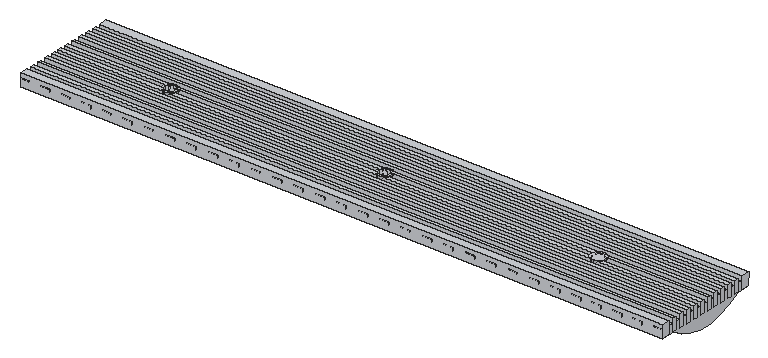
Revit family "Sioux Chief 865-GHC", category Generic Models, Revit 2022
Family settings
  Can host rebar = No
  Round Connector Dimension = Use Diameter
  Part Type = Normal
  Work Plane-Based = No
  Always vertical = Yes
  Cut with Voids When Loaded = No
  Maintain Annotation Orientation = No
  Shared = No
  Room Calculation Point = No
Parameters
  URL = "www.siouxchief.com"
  Model = "865 Trench Drain Grate"
  Manufacturer = "Sioux Chief"
  Default Elevation = 0' - 0"
Reference planes (in)
  plane 1 "Center (Front/Back)": y = 0
  plane 2: z = 0
  plane 3 "Center (Left/Right)": x = 0
  plane 4: y = 3
  plane 5: y = -3
  plane 6: x = -18
  plane 7: x = 18
Forms (in)
  Extrusion 1, solid
    sketch origin (0, 0, 0) x (0, 1, 0) y (0, 0, 1)
      loop
        line (3, -0.6875) -> (3, 0) -> (2.535, 0) -> (2.535, -0.6875) -> (3, -0.6875)
      loop
        line (-0.135, -0.6875) -> (-0.135, 0) -> (-0.345, 0) -> (-0.345, -0.6875) -> (-0.135, -0.6875)
      loop
        line (0.135, -0.6875) -> (0.345, -0.6875) -> (0.345, 0) -> (0.135, 0) -> (0.135, -0.6875)
      loop
        line (-0.615, -0.6875) -> (-0.615, 0) -> (-0.825, 0) -> (-0.825, -0.6875) -> (-0.615, -0.6875)
      loop
        line (-1.095, -0.6875) -> (-1.095, 0) -> (-1.305, 0) -> (-1.305, -0.6875) -> (-1.095, -0.6875)
      loop
        line (-1.575, -0.6875) -> (-1.575, 0) -> (-1.785, 0) -> (-1.785, -0.6875) -> (-1.575, -0.6875)
      loop
        line (-2.055, -0.6875) -> (-2.055, 0) -> (-2.265, 0) -> (-2.265, -0.6875) -> (-2.055, -0.6875)
      loop
        line (0.615, -0.6875) -> (0.825, -0.6875) -> (0.825, 0) -> (0.615, 0) -> (0.615, -0.6875)
      loop
        line (1.095, -0.6875) -> (1.305, -0.6875) -> (1.305, 0) -> (1.095, 0) -> (1.095, -0.6875)
      loop
        line (1.575, -0.6875) -> (1.785, -0.6875) -> (1.785, 0) -> (1.575, 0) -> (1.575, -0.6875)
      loop
        line (2.055, -0.6875) -> (2.265, -0.6875) -> (2.265, 0) -> (2.055, 0) -> (2.055, -0.6875)
      loop
        line (-3, -0.6875) -> (-2.535, -0.6875) -> (-2.535, 0) -> (-3, 0) -> (-3, -0.6875)
    from -18 to 18
  Extrusion 2, solid
    sketch origin (17.75, 0, 0) x (0, 1, 0) y (0, 0, 1)
      loop
        line (2.25, -0.6875) -> (2.91972, -0.6875) -> (3, -0.25) -> (-3, -0.25) -> (-2.91972, -0.6875) -> (-2.25, -0.6875)
        arc (-2.25, -0.6875) -> (0, -1.4375) -> (2.25, -0.6875) r 3.75
    from -18 to -17.5
  Extrusion 3, solid
    sketch origin (0, 0, 0) x (0, 1, 0) y (0, 0, 1)
      loop
        line (2.25, -0.6875) -> (2.91972, -0.6875) -> (3, -0.25) -> (-3, -0.25) -> (-2.91972, -0.6875) -> (-2.25, -0.6875)
        arc (-2.25, -0.6875) -> (0, -1.4375) -> (2.25, -0.6875) r 3.75
    from -18 to -17.5
  Extrusion 4, solid
    sketch origin (5.75, 0, 0) x (0, 1, 0) y (0, 0, 1)
      loop
        line (2.25, -0.6875) -> (2.91972, -0.6875) -> (3, -0.25) -> (-3, -0.25) -> (-2.91972, -0.6875) -> (-2.25, -0.6875)
        arc (-2.25, -0.6875) -> (0, -1.4375) -> (2.25, -0.6875) r 3.75
    from -18 to -17.5
  Extrusion 5, solid
    sketch origin (4.6, 0, 0) x (0, 1, 0) y (0, 0, 1)
      loop
        line (2.25, -0.6875) -> (2.91972, -0.6875) -> (3, -0.25) -> (-3, -0.25) -> (-2.91972, -0.6875) -> (-2.25, -0.6875)
        arc (-2.25, -0.6875) -> (0, -1.4375) -> (2.25, -0.6875) r 3.75
    from -18 to -17.5
  Extrusion 6, solid
    sketch origin (3.45, 0, 0) x (0, 1, 0) y (0, 0, 1)
      loop
        line (2.25, -0.6875) -> (2.91972, -0.6875) -> (3, -0.25) -> (-3, -0.25) -> (-2.91972, -0.6875) -> (-2.25, -0.6875)
        arc (-2.25, -0.6875) -> (0, -1.4375) -> (2.25, -0.6875) r 3.75
    from -18 to -17.5
  Extrusion 7, solid
    sketch origin (2.3, 0, 0) x (0, 1, 0) y (0, 0, 1)
      loop
        line (2.25, -0.6875) -> (2.91972, -0.6875) -> (3, -0.25) -> (-3, -0.25) -> (-2.91972, -0.6875) -> (-2.25, -0.6875)
        arc (-2.25, -0.6875) -> (0, -1.4375) -> (2.25, -0.6875) r 3.75
    from -18 to -17.5
  Extrusion 8, solid
    sketch origin (1.15, 0, 0) x (0, 1, 0) y (0, 0, 1)
      loop
        line (2.25, -0.6875) -> (2.91972, -0.6875) -> (3, -0.25) -> (-3, -0.25) -> (-2.91972, -0.6875) -> (-2.25, -0.6875)
        arc (-2.25, -0.6875) -> (0, -1.4375) -> (2.25, -0.6875) r 3.75
    from -18 to -17.5
  Extrusion 9, solid
    sketch origin (6.95, 0, 0) x (0, 1, 0) y (0, 0, 1)
      loop
        line (2.25, -0.6875) -> (2.91972, -0.6875) -> (3, -0.25) -> (-3, -0.25) -> (-2.91972, -0.6875) -> (-2.25, -0.6875)
        arc (-2.25, -0.6875) -> (0, -1.4375) -> (2.25, -0.6875) r 3.75
    from -18 to -17.5
  Extrusion 10, solid
    sketch origin (8.15, 0, 0) x (0, 1, 0) y (0, 0, 1)
      loop
        line (2.25, -0.6875) -> (2.91972, -0.6875) -> (3, -0.25) -> (-3, -0.25) -> (-2.91972, -0.6875) -> (-2.25, -0.6875)
        arc (-2.25, -0.6875) -> (0, -1.4375) -> (2.25, -0.6875) r 3.75
    from -18 to -17.5
  Extrusion 11, solid
    sketch origin (9.35, 0, 0) x (0, 1, 0) y (0, 0, 1)
      loop
        line (2.25, -0.6875) -> (2.91972, -0.6875) -> (3, -0.25) -> (-3, -0.25) -> (-2.91972, -0.6875) -> (-2.25, -0.6875)
        arc (-2.25, -0.6875) -> (0, -1.4375) -> (2.25, -0.6875) r 3.75
    from -18 to -17.5
  Extrusion 12, solid
    sketch origin (10.55, 0, 0) x (0, 1, 0) y (0, 0, 1)
      loop
        line (2.25, -0.6875) -> (2.91972, -0.6875) -> (3, -0.25) -> (-3, -0.25) -> (-2.91972, -0.6875) -> (-2.25, -0.6875)
        arc (-2.25, -0.6875) -> (0, -1.4375) -> (2.25, -0.6875) r 3.75
    from -18 to -17.5
  Extrusion 13, solid
    sketch origin (11.75, 0, 0) x (0, 1, 0) y (0, 0, 1)
      loop
        line (2.25, -0.6875) -> (2.91972, -0.6875) -> (3, -0.25) -> (-3, -0.25) -> (-2.91972, -0.6875) -> (-2.25, -0.6875)
        arc (-2.25, -0.6875) -> (0, -1.4375) -> (2.25, -0.6875) r 3.75
    from -18 to -17.5
  Extrusion 14, solid
    sketch origin (12.95, 0, 0) x (0, 1, 0) y (0, 0, 1)
      loop
        line (2.25, -0.6875) -> (2.91972, -0.6875) -> (3, -0.25) -> (-3, -0.25) -> (-2.91972, -0.6875) -> (-2.25, -0.6875)
        arc (-2.25, -0.6875) -> (0, -1.4375) -> (2.25, -0.6875) r 3.75
    from -18 to -17.5
  Extrusion 15, solid
    sketch origin (14.15, 0, 0) x (0, 1, 0) y (0, 0, 1)
      loop
        line (2.25, -0.6875) -> (2.91972, -0.6875) -> (3, -0.25) -> (-3, -0.25) -> (-2.91972, -0.6875) -> (-2.25, -0.6875)
        arc (-2.25, -0.6875) -> (0, -1.4375) -> (2.25, -0.6875) r 3.75
    from -18 to -17.5
  Extrusion 16, solid
    sketch origin (15.35, 0, 0) x (0, 1, 0) y (0, 0, 1)
      loop
        line (2.25, -0.6875) -> (2.91972, -0.6875) -> (3, -0.25) -> (-3, -0.25) -> (-2.91972, -0.6875) -> (-2.25, -0.6875)
        arc (-2.25, -0.6875) -> (0, -1.4375) -> (2.25, -0.6875) r 3.75
    from -18 to -17.5
  Extrusion 17, solid
    sketch origin (16.55, 0, 0) x (0, 1, 0) y (0, 0, 1)
      loop
        line (2.25, -0.6875) -> (2.91972, -0.6875) -> (3, -0.25) -> (-3, -0.25) -> (-2.91972, -0.6875) -> (-2.25, -0.6875)
        arc (-2.25, -0.6875) -> (0, -1.4375) -> (2.25, -0.6875) r 3.75
    from -18 to -17.5
  Extrusion 18, solid
    sketch origin (-5.75, 0, 0) x (0, 1, 0) y (0, 0, -1)
      loop
        arc (2.25, 0.6875) -> (0, 1.4375) -> (-2.25, 0.6875) r 3.75
        line (-2.25, 0.6875) -> (-2.91972, 0.6875) -> (-3, 0.25) -> (3, 0.25) -> (2.91972, 0.6875) -> (2.25, 0.6875)
    from -18 to -17.5
  Extrusion 19, solid
    sketch origin (-4.6, 0, 0) x (0, 1, 0) y (0, 0, -1)
      loop
        arc (2.25, 0.6875) -> (0, 1.4375) -> (-2.25, 0.6875) r 3.75
        line (-2.25, 0.6875) -> (-2.91972, 0.6875) -> (-3, 0.25) -> (3, 0.25) -> (2.91972, 0.6875) -> (2.25, 0.6875)
    from -18 to -17.5
  Extrusion 20, solid
    sketch origin (-3.45, 0, 0) x (0, 1, 0) y (0, 0, -1)
      loop
        arc (2.25, 0.6875) -> (0, 1.4375) -> (-2.25, 0.6875) r 3.75
        line (-2.25, 0.6875) -> (-2.91972, 0.6875) -> (-3, 0.25) -> (3, 0.25) -> (2.91972, 0.6875) -> (2.25, 0.6875)
    from -18 to -17.5
  Extrusion 21, solid
    sketch origin (-2.3, 0, 0) x (0, 1, 0) y (0, 0, -1)
      loop
        arc (2.25, 0.6875) -> (0, 1.4375) -> (-2.25, 0.6875) r 3.75
        line (-2.25, 0.6875) -> (-2.91972, 0.6875) -> (-3, 0.25) -> (3, 0.25) -> (2.91972, 0.6875) -> (2.25, 0.6875)
    from -18 to -17.5
  Extrusion 22, solid
    sketch origin (-1.15, 0, 0) x (0, 1, 0) y (0, 0, -1)
      loop
        arc (2.25, 0.6875) -> (0, 1.4375) -> (-2.25, 0.6875) r 3.75
        line (-2.25, 0.6875) -> (-2.91972, 0.6875) -> (-3, 0.25) -> (3, 0.25) -> (2.91972, 0.6875) -> (2.25, 0.6875)
    from -18 to -17.5
  Extrusion 23, solid
    sketch origin (-6.95, 0, 0) x (0, 1, 0) y (0, 0, -1)
      loop
        arc (2.25, 0.6875) -> (0, 1.4375) -> (-2.25, 0.6875) r 3.75
        line (-2.25, 0.6875) -> (-2.91972, 0.6875) -> (-3, 0.25) -> (3, 0.25) -> (2.91972, 0.6875) -> (2.25, 0.6875)
    from -18 to -17.5
  Extrusion 24, solid
    sketch origin (-8.15, 0, 0) x (0, 1, 0) y (0, 0, -1)
      loop
        arc (2.25, 0.6875) -> (0, 1.4375) -> (-2.25, 0.6875) r 3.75
        line (-2.25, 0.6875) -> (-2.91972, 0.6875) -> (-3, 0.25) -> (3, 0.25) -> (2.91972, 0.6875) -> (2.25, 0.6875)
    from -18 to -17.5
  Extrusion 25, solid
    sketch origin (-9.35, 0, 0) x (0, 1, 0) y (0, 0, -1)
      loop
        arc (2.25, 0.6875) -> (0, 1.4375) -> (-2.25, 0.6875) r 3.75
        line (-2.25, 0.6875) -> (-2.91972, 0.6875) -> (-3, 0.25) -> (3, 0.25) -> (2.91972, 0.6875) -> (2.25, 0.6875)
    from -18 to -17.5
  Extrusion 26, solid
    sketch origin (-10.55, 0, 0) x (0, 1, 0) y (0, 0, -1)
      loop
        arc (2.25, 0.6875) -> (0, 1.4375) -> (-2.25, 0.6875) r 3.75
        line (-2.25, 0.6875) -> (-2.91972, 0.6875) -> (-3, 0.25) -> (3, 0.25) -> (2.91972, 0.6875) -> (2.25, 0.6875)
    from -18 to -17.5
  Extrusion 27, solid
    sketch origin (-11.75, 0, 0) x (0, 1, 0) y (0, 0, -1)
      loop
        arc (2.25, 0.6875) -> (0, 1.4375) -> (-2.25, 0.6875) r 3.75
        line (-2.25, 0.6875) -> (-2.91972, 0.6875) -> (-3, 0.25) -> (3, 0.25) -> (2.91972, 0.6875) -> (2.25, 0.6875)
    from -18 to -17.5
  Extrusion 28, solid
    sketch origin (-12.95, 0, 0) x (0, 1, 0) y (0, 0, -1)
      loop
        arc (2.25, 0.6875) -> (0, 1.4375) -> (-2.25, 0.6875) r 3.75
        line (-2.25, 0.6875) -> (-2.91972, 0.6875) -> (-3, 0.25) -> (3, 0.25) -> (2.91972, 0.6875) -> (2.25, 0.6875)
    from -18 to -17.5
  Extrusion 29, solid
    sketch origin (-14.15, 0, 0) x (0, 1, 0) y (0, 0, -1)
      loop
        arc (2.25, 0.6875) -> (0, 1.4375) -> (-2.25, 0.6875) r 3.75
        line (-2.25, 0.6875) -> (-2.91972, 0.6875) -> (-3, 0.25) -> (3, 0.25) -> (2.91972, 0.6875) -> (2.25, 0.6875)
    from -18 to -17.5
  Extrusion 30, solid
    sketch origin (-15.35, 0, 0) x (0, 1, 0) y (0, 0, -1)
      loop
        arc (2.25, 0.6875) -> (0, 1.4375) -> (-2.25, 0.6875) r 3.75
        line (-2.25, 0.6875) -> (-2.91972, 0.6875) -> (-3, 0.25) -> (3, 0.25) -> (2.91972, 0.6875) -> (2.25, 0.6875)
    from -18 to -17.5
  Extrusion 31, solid
    sketch origin (-16.55, 0, 0) x (0, 1, 0) y (0, 0, -1)
      loop
        arc (2.25, 0.6875) -> (0, 1.4375) -> (-2.25, 0.6875) r 3.75
        line (-2.25, 0.6875) -> (-2.91972, 0.6875) -> (-3, 0.25) -> (3, 0.25) -> (2.91972, 0.6875) -> (2.25, 0.6875)
    from -18 to -17.5
  Extrusion 32, solid
    sketch origin (0, 0, 0) x (0, 1, 0) y (0, 0, -1)
      loop
        arc (2.25, 0.6875) -> (0, 1.4375) -> (-2.25, 0.6875) r 3.75
        line (-2.25, 0.6875) -> (-2.91972, 0.6875) -> (-3, 0.25) -> (3, 0.25) -> (2.91972, 0.6875) -> (2.25, 0.6875)
    from -18 to -17.5
  Blend 33, solid
    base sketch origin (0, 0, 0) x (1, 0, 0) y (0, 1, 0)
      loop
        circle (0, 0) r 0.40553
    top sketch origin (0, 0, 0) x (1, 0, 0) y (0, 1, 0)
      loop
        circle (0, 0) r 0.16961
    from 0 to -0.6875
  Blend 34, void
    base sketch origin (0, 0, 0) x (1, 0, 0) y (0, 1, 0)
      loop
        circle (0, 0) r 0.28955
    top sketch origin (0, 0, 0) x (1, 0, 0) y (0, 1, 0)
      loop
        circle (0, 0) r 0.12072
    from 0 to -1.43549
  Blend 35, solid
    base sketch origin (-12, 0, 0) x (1, 0, 0) y (0, 1, 0)
      loop
        circle (0, 0) r 0.40553
    top sketch origin (-12, 0, 0) x (1, 0, 0) y (0, 1, 0)
      loop
        circle (0, 0) r 0.16961
    from 0 to -0.6875
  Blend 36, void
    base sketch origin (-12, 0, 0) x (1, 0, 0) y (0, 1, 0)
      loop
        circle (0, 0) r 0.28955
    top sketch origin (-12, 0, 0) x (1, 0, 0) y (0, 1, 0)
      loop
        circle (0, 0) r 0.12072
    from 0 to -1.43549
  Blend 37, solid
    base sketch origin (12, 0, 0) x (-1, 0, 0) y (0, -1, 0)
      loop
        circle (0, 0) r 0.40553
    top sketch origin (12, 0, 0) x (-1, 0, 0) y (0, -1, 0)
      loop
        circle (0, 0) r 0.16961
    from 0 to -0.6875
  Blend 38, void
    base sketch origin (12, 0, 0) x (-1, 0, 0) y (0, -1, 0)
      loop
        circle (0, 0) r 0.28955
    top sketch origin (12, 0, 0) x (-1, 0, 0) y (0, -1, 0)
      loop
        circle (0, 0) r 0.12072
    from 0 to -1.43549
Cuts and joins
  Blend 34, Blend 36, Blend 38 cuts Extrusion 1
  Blend 34, Blend 36 cuts Blend 33
  Blend 36 cuts Extrusion 2
  Blend 36, Blend 38 cuts Blend 35
  Blend 38 cuts Extrusion 4
Dimensions and locks (in)
  equal spacing: plane 4, plane 1 "Center (Front/Back)", plane 5
  locked: plane 4 to plane 5 at 6
  equal spacing: plane 6, plane 3 "Center (Left/Right)", plane 7
  locked: plane 6 to plane 7 at 36
  aligned and locked: plane 2 to level
  aligned and locked: Extrusion 1 to plane 6
  aligned and locked: Extrusion 1 to plane 4
  aligned and locked: Blend 34 to level
  aligned and locked: level to Blend 33
  aligned and locked: Extrusion 2 to Blend 33
Automatic sketch dimensions
  Extrusion 1 sketch curve to plane 5 = 0' - 0"
  Extrusion 1 sketch curve to level = 0' - 0"  (x12)
  Extrusion 1 sketch curve to plane 4 = 0' - 0"
  Extrusion 1 sketch curve to plane 5 = 0' - 0.465"
  Extrusion 1 sketch curve to Extrusion 1 sketch curve = 0' - 0.27"  (x10)
  Extrusion 1 sketch curve to Extrusion 1 sketch curve = 0' - 0.21"  (x9)
  plane 1 "Center (Front/Back)" to Extrusion 1 sketch curve = 0' - 0.135"
  Extrusion 1 sketch curve to plane 1 "Center (Front/Back)" = 0' - 0.135"
  Extrusion 1 sketch curve to level = 0' - 0 11/16"  (x2)
  Extrusion 1 sketch curve to Extrusion 1 sketch curve = 0' - 0"  (x10)
  Extrusion 2 sketch curve to plane 5 = 0' - 0"
  Extrusion 2 sketch curve to plane 1 "Center (Front/Back)" = 0' - 0"
  Extrusion 2 sketch curve to plane 4 = 0' - 0"
  Extrusion 2 sketch curve to plane 5 = 0' - 0.08028"
  Extrusion 2 sketch curve to Extrusion 2 sketch curve = 0' - 0.66972"
  plane 4 to Extrusion 2 sketch curve = 0' - 0 3/4"
  plane 4 to Extrusion 2 sketch curve = 0' - 0.08028"
  Extrusion 2 sketch curve to level = 0' - 0 11/16"
  Extrusion 2 sketch curve to level = 0' - 0 1/4"
  level to Extrusion 2 sketch curve = 0' - 2 5/16"
  Extrusion 3 sketch curve to plane 5 = 0' - 0"
  Extrusion 3 sketch curve to plane 1 "Center (Front/Back)" = 0' - 0"
  Extrusion 3 sketch curve to plane 4 = 0' - 0"
  Extrusion 3 sketch curve to plane 5 = 0' - 0.08028"
  Extrusion 3 sketch curve to Extrusion 3 sketch curve = 0' - 0.66972"
  plane 4 to Extrusion 3 sketch curve = 0' - 0 3/4"
  plane 4 to Extrusion 3 sketch curve = 0' - 0.08028"
  Extrusion 3 sketch curve to level = 0' - 0 11/16"
  Extrusion 3 sketch curve to level = 0' - 0 1/4"
  level to Extrusion 3 sketch curve = 0' - 2 5/16"
  Extrusion 4 sketch curve to plane 5 = 0' - 0"
  Extrusion 4 sketch curve to plane 1 "Center (Front/Back)" = 0' - 0"
  Extrusion 4 sketch curve to plane 4 = 0' - 0"
  Extrusion 4 sketch curve to plane 5 = 0' - 0.08028"
  Extrusion 4 sketch curve to Extrusion 4 sketch curve = 0' - 0.66972"
  plane 4 to Extrusion 4 sketch curve = 0' - 0 3/4"
  plane 4 to Extrusion 4 sketch curve = 0' - 0.08028"
  Extrusion 4 sketch curve to level = 0' - 0 11/16"
  Extrusion 4 sketch curve to level = 0' - 0 1/4"
  level to Extrusion 4 sketch curve = 0' - 2 5/16"
  Extrusion 5 sketch curve to plane 5 = 0' - 0"
  Extrusion 5 sketch curve to plane 1 "Center (Front/Back)" = 0' - 0"
  Extrusion 5 sketch curve to plane 4 = 0' - 0"
  Extrusion 5 sketch curve to plane 5 = 0' - 0.08028"
  Extrusion 5 sketch curve to Extrusion 5 sketch curve = 0' - 0.66972"
  plane 4 to Extrusion 5 sketch curve = 0' - 0 3/4"
  plane 4 to Extrusion 5 sketch curve = 0' - 0.08028"
  Extrusion 5 sketch curve to level = 0' - 0 11/16"
  Extrusion 5 sketch curve to level = 0' - 0 1/4"
  level to Extrusion 5 sketch curve = 0' - 2 5/16"
  Extrusion 6 sketch curve to plane 5 = 0' - 0"
  Extrusion 6 sketch curve to plane 1 "Center (Front/Back)" = 0' - 0"
  Extrusion 6 sketch curve to plane 4 = 0' - 0"
  Extrusion 6 sketch curve to plane 5 = 0' - 0.08028"
  Extrusion 6 sketch curve to Extrusion 6 sketch curve = 0' - 0.66972"
  plane 4 to Extrusion 6 sketch curve = 0' - 0 3/4"
  plane 4 to Extrusion 6 sketch curve = 0' - 0.08028"
  Extrusion 6 sketch curve to level = 0' - 0 11/16"
  Extrusion 6 sketch curve to level = 0' - 0 1/4"
  level to Extrusion 6 sketch curve = 0' - 2 5/16"
  Extrusion 7 sketch curve to plane 5 = 0' - 0"
  Extrusion 7 sketch curve to plane 1 "Center (Front/Back)" = 0' - 0"
  Extrusion 7 sketch curve to plane 4 = 0' - 0"
  Extrusion 7 sketch curve to plane 5 = 0' - 0.08028"
  Extrusion 7 sketch curve to Extrusion 7 sketch curve = 0' - 0.66972"
  plane 4 to Extrusion 7 sketch curve = 0' - 0 3/4"
  plane 4 to Extrusion 7 sketch curve = 0' - 0.08028"
  Extrusion 7 sketch curve to level = 0' - 0 11/16"
  Extrusion 7 sketch curve to level = 0' - 0 1/4"
  level to Extrusion 7 sketch curve = 0' - 2 5/16"
  Extrusion 8 sketch curve to plane 5 = 0' - 0"
  Extrusion 8 sketch curve to plane 1 "Center (Front/Back)" = 0' - 0"
  Extrusion 8 sketch curve to plane 4 = 0' - 0"
  Extrusion 8 sketch curve to plane 5 = 0' - 0.08028"
  Extrusion 8 sketch curve to Extrusion 8 sketch curve = 0' - 0.66972"
  plane 4 to Extrusion 8 sketch curve = 0' - 0 3/4"
  plane 4 to Extrusion 8 sketch curve = 0' - 0.08028"
  Extrusion 8 sketch curve to level = 0' - 0 11/16"
  Extrusion 8 sketch curve to level = 0' - 0 1/4"
  level to Extrusion 8 sketch curve = 0' - 2 5/16"
  Extrusion 9 sketch curve to plane 5 = 0' - 0"
  Extrusion 9 sketch curve to plane 1 "Center (Front/Back)" = 0' - 0"
  Extrusion 9 sketch curve to plane 4 = 0' - 0"
  Extrusion 9 sketch curve to plane 5 = 0' - 0.08028"
  Extrusion 9 sketch curve to Extrusion 9 sketch curve = 0' - 0.66972"
  plane 4 to Extrusion 9 sketch curve = 0' - 0 3/4"
  plane 4 to Extrusion 9 sketch curve = 0' - 0.08028"
  Extrusion 9 sketch curve to level = 0' - 0 11/16"
  Extrusion 9 sketch curve to level = 0' - 0 1/4"
  level to Extrusion 9 sketch curve = 0' - 2 5/16"
  Extrusion 10 sketch curve to plane 5 = 0' - 0"
  Extrusion 10 sketch curve to plane 1 "Center (Front/Back)" = 0' - 0"
  Extrusion 10 sketch curve to plane 4 = 0' - 0"
  Extrusion 10 sketch curve to plane 5 = 0' - 0.08028"
  Extrusion 10 sketch curve to Extrusion 10 sketch curve = 0' - 0.66972"
  plane 4 to Extrusion 10 sketch curve = 0' - 0 3/4"
  plane 4 to Extrusion 10 sketch curve = 0' - 0.08028"
  Extrusion 10 sketch curve to level = 0' - 0 11/16"
  Extrusion 10 sketch curve to level = 0' - 0 1/4"
  level to Extrusion 10 sketch curve = 0' - 2 5/16"
  Extrusion 11 sketch curve to plane 5 = 0' - 0"
  Extrusion 11 sketch curve to plane 1 "Center (Front/Back)" = 0' - 0"
  Extrusion 11 sketch curve to plane 4 = 0' - 0"
  Extrusion 11 sketch curve to plane 5 = 0' - 0.08028"
  Extrusion 11 sketch curve to Extrusion 11 sketch curve = 0' - 0.66972"
  plane 4 to Extrusion 11 sketch curve = 0' - 0 3/4"
  plane 4 to Extrusion 11 sketch curve = 0' - 0.08028"
  Extrusion 11 sketch curve to level = 0' - 0 11/16"
  Extrusion 11 sketch curve to level = 0' - 0 1/4"
  level to Extrusion 11 sketch curve = 0' - 2 5/16"
  Extrusion 12 sketch curve to plane 5 = 0' - 0"
  Extrusion 12 sketch curve to plane 1 "Center (Front/Back)" = 0' - 0"
  Extrusion 12 sketch curve to plane 4 = 0' - 0"
  Extrusion 12 sketch curve to plane 5 = 0' - 0.08028"
  Extrusion 12 sketch curve to Extrusion 12 sketch curve = 0' - 0.66972"
  plane 4 to Extrusion 12 sketch curve = 0' - 0 3/4"
  plane 4 to Extrusion 12 sketch curve = 0' - 0.08028"
  Extrusion 12 sketch curve to level = 0' - 0 11/16"
  Extrusion 12 sketch curve to level = 0' - 0 1/4"
  level to Extrusion 12 sketch curve = 0' - 2 5/16"
  Extrusion 13 sketch curve to plane 5 = 0' - 0"
  Extrusion 13 sketch curve to plane 1 "Center (Front/Back)" = 0' - 0"
  Extrusion 13 sketch curve to plane 4 = 0' - 0"
  Extrusion 13 sketch curve to plane 5 = 0' - 0.08028"
  Extrusion 13 sketch curve to Extrusion 13 sketch curve = 0' - 0.66972"
  plane 4 to Extrusion 13 sketch curve = 0' - 0 3/4"
  plane 4 to Extrusion 13 sketch curve = 0' - 0.08028"
  Extrusion 13 sketch curve to level = 0' - 0 11/16"
  Extrusion 13 sketch curve to level = 0' - 0 1/4"
  level to Extrusion 13 sketch curve = 0' - 2 5/16"
  Extrusion 14 sketch curve to plane 5 = 0' - 0"
  Extrusion 14 sketch curve to plane 1 "Center (Front/Back)" = 0' - 0"
  Extrusion 14 sketch curve to plane 4 = 0' - 0"
  Extrusion 14 sketch curve to plane 5 = 0' - 0.08028"
  Extrusion 14 sketch curve to Extrusion 14 sketch curve = 0' - 0.66972"
  plane 4 to Extrusion 14 sketch curve = 0' - 0 3/4"
  plane 4 to Extrusion 14 sketch curve = 0' - 0.08028"
  Extrusion 14 sketch curve to level = 0' - 0 11/16"
  Extrusion 14 sketch curve to level = 0' - 0 1/4"
  level to Extrusion 14 sketch curve = 0' - 2 5/16"
  Extrusion 15 sketch curve to plane 5 = 0' - 0"
  Extrusion 15 sketch curve to plane 1 "Center (Front/Back)" = 0' - 0"
  Extrusion 15 sketch curve to plane 4 = 0' - 0"
  Extrusion 15 sketch curve to plane 5 = 0' - 0.08028"
  Extrusion 15 sketch curve to Extrusion 15 sketch curve = 0' - 0.66972"
  plane 4 to Extrusion 15 sketch curve = 0' - 0 3/4"
  plane 4 to Extrusion 15 sketch curve = 0' - 0.08028"
  Extrusion 15 sketch curve to level = 0' - 0 11/16"
  Extrusion 15 sketch curve to level = 0' - 0 1/4"
  level to Extrusion 15 sketch curve = 0' - 2 5/16"
  Extrusion 16 sketch curve to plane 5 = 0' - 0"
  Extrusion 16 sketch curve to plane 1 "Center (Front/Back)" = 0' - 0"
  Extrusion 16 sketch curve to plane 4 = 0' - 0"
  Extrusion 16 sketch curve to plane 5 = 0' - 0.08028"
  Extrusion 16 sketch curve to Extrusion 16 sketch curve = 0' - 0.66972"
  plane 4 to Extrusion 16 sketch curve = 0' - 0 3/4"
  plane 4 to Extrusion 16 sketch curve = 0' - 0.08028"
  Extrusion 16 sketch curve to level = 0' - 0 11/16"
  Extrusion 16 sketch curve to level = 0' - 0 1/4"
  level to Extrusion 16 sketch curve = 0' - 2 5/16"
  Extrusion 17 sketch curve to plane 5 = 0' - 0"
  Extrusion 17 sketch curve to plane 1 "Center (Front/Back)" = 0' - 0"
  Extrusion 17 sketch curve to plane 4 = 0' - 0"
  Extrusion 17 sketch curve to plane 5 = 0' - 0.08028"
  Extrusion 17 sketch curve to Extrusion 17 sketch curve = 0' - 0.66972"
  plane 4 to Extrusion 17 sketch curve = 0' - 0 3/4"
  plane 4 to Extrusion 17 sketch curve = 0' - 0.08028"
  Extrusion 17 sketch curve to level = 0' - 0 11/16"
  Extrusion 17 sketch curve to level = 0' - 0 1/4"
  level to Extrusion 17 sketch curve = 0' - 2 5/16"
  Extrusion 18 sketch curve to plane 5 = 0' - 0"
  Extrusion 18 sketch curve to plane 1 "Center (Front/Back)" = 0' - 0"
  Extrusion 18 sketch curve to plane 4 = 0' - 0"
  Extrusion 18 sketch curve to plane 5 = 0' - 0.08028"
  Extrusion 18 sketch curve to Extrusion 18 sketch curve = 0' - 0.66972"
  plane 4 to Extrusion 18 sketch curve = 0' - 0 3/4"
  plane 4 to Extrusion 18 sketch curve = 0' - 0.08028"
  level to Extrusion 18 sketch curve = 0' - 2 5/16"
  Extrusion 18 sketch curve to level = 0' - 0 1/4"
  Extrusion 18 sketch curve to Extrusion 18 sketch curve = 0' - 0 7/16"
  Extrusion 19 sketch curve to plane 5 = 0' - 0"
  Extrusion 19 sketch curve to plane 1 "Center (Front/Back)" = 0' - 0"
  Extrusion 19 sketch curve to plane 4 = 0' - 0"
  Extrusion 19 sketch curve to plane 5 = 0' - 0.08028"
  Extrusion 19 sketch curve to Extrusion 19 sketch curve = 0' - 0.66972"
  plane 4 to Extrusion 19 sketch curve = 0' - 0 3/4"
  plane 4 to Extrusion 19 sketch curve = 0' - 0.08028"
  level to Extrusion 19 sketch curve = 0' - 2 5/16"
  Extrusion 19 sketch curve to level = 0' - 0 1/4"
  Extrusion 19 sketch curve to Extrusion 19 sketch curve = 0' - 0 7/16"
  Extrusion 20 sketch curve to plane 5 = 0' - 0"
  Extrusion 20 sketch curve to plane 1 "Center (Front/Back)" = 0' - 0"
  Extrusion 20 sketch curve to plane 4 = 0' - 0"
  Extrusion 20 sketch curve to plane 5 = 0' - 0.08028"
  Extrusion 20 sketch curve to Extrusion 20 sketch curve = 0' - 0.66972"
  plane 4 to Extrusion 20 sketch curve = 0' - 0 3/4"
  plane 4 to Extrusion 20 sketch curve = 0' - 0.08028"
  level to Extrusion 20 sketch curve = 0' - 2 5/16"
  Extrusion 20 sketch curve to level = 0' - 0 1/4"
  Extrusion 20 sketch curve to Extrusion 20 sketch curve = 0' - 0 7/16"
  Extrusion 21 sketch curve to plane 5 = 0' - 0"
  Extrusion 21 sketch curve to plane 1 "Center (Front/Back)" = 0' - 0"
  Extrusion 21 sketch curve to plane 4 = 0' - 0"
  Extrusion 21 sketch curve to plane 5 = 0' - 0.08028"
  Extrusion 21 sketch curve to Extrusion 21 sketch curve = 0' - 0.66972"
  plane 4 to Extrusion 21 sketch curve = 0' - 0 3/4"
  plane 4 to Extrusion 21 sketch curve = 0' - 0.08028"
  level to Extrusion 21 sketch curve = 0' - 2 5/16"
  Extrusion 21 sketch curve to level = 0' - 0 1/4"
  Extrusion 21 sketch curve to Extrusion 21 sketch curve = 0' - 0 7/16"
  Extrusion 22 sketch curve to plane 5 = 0' - 0"
  Extrusion 22 sketch curve to plane 1 "Center (Front/Back)" = 0' - 0"
  Extrusion 22 sketch curve to plane 4 = 0' - 0"
  Extrusion 22 sketch curve to plane 5 = 0' - 0.08028"
  Extrusion 22 sketch curve to Extrusion 22 sketch curve = 0' - 0.66972"
  plane 4 to Extrusion 22 sketch curve = 0' - 0 3/4"
  plane 4 to Extrusion 22 sketch curve = 0' - 0.08028"
  level to Extrusion 22 sketch curve = 0' - 2 5/16"
  Extrusion 22 sketch curve to level = 0' - 0 1/4"
  Extrusion 22 sketch curve to Extrusion 22 sketch curve = 0' - 0 7/16"
  Extrusion 23 sketch curve to plane 5 = 0' - 0"
  Extrusion 23 sketch curve to plane 1 "Center (Front/Back)" = 0' - 0"
  Extrusion 23 sketch curve to plane 4 = 0' - 0"
  Extrusion 23 sketch curve to plane 5 = 0' - 0.08028"
  Extrusion 23 sketch curve to Extrusion 23 sketch curve = 0' - 0.66972"
  plane 4 to Extrusion 23 sketch curve = 0' - 0 3/4"
  plane 4 to Extrusion 23 sketch curve = 0' - 0.08028"
  level to Extrusion 23 sketch curve = 0' - 2 5/16"
  Extrusion 23 sketch curve to level = 0' - 0 1/4"
  Extrusion 23 sketch curve to Extrusion 23 sketch curve = 0' - 0 7/16"
  Extrusion 24 sketch curve to plane 5 = 0' - 0"
  Extrusion 24 sketch curve to plane 1 "Center (Front/Back)" = 0' - 0"
  Extrusion 24 sketch curve to plane 4 = 0' - 0"
  Extrusion 24 sketch curve to plane 5 = 0' - 0.08028"
  Extrusion 24 sketch curve to Extrusion 24 sketch curve = 0' - 0.66972"
  plane 4 to Extrusion 24 sketch curve = 0' - 0 3/4"
  plane 4 to Extrusion 24 sketch curve = 0' - 0.08028"
  level to Extrusion 24 sketch curve = 0' - 2 5/16"
  Extrusion 24 sketch curve to level = 0' - 0 1/4"
  Extrusion 24 sketch curve to Extrusion 24 sketch curve = 0' - 0 7/16"
  Extrusion 25 sketch curve to plane 5 = 0' - 0"
  Extrusion 25 sketch curve to plane 1 "Center (Front/Back)" = 0' - 0"
  Extrusion 25 sketch curve to plane 4 = 0' - 0"
  Extrusion 25 sketch curve to plane 5 = 0' - 0.08028"
  Extrusion 25 sketch curve to Extrusion 25 sketch curve = 0' - 0.66972"
  plane 4 to Extrusion 25 sketch curve = 0' - 0 3/4"
  plane 4 to Extrusion 25 sketch curve = 0' - 0.08028"
  level to Extrusion 25 sketch curve = 0' - 2 5/16"
  Extrusion 25 sketch curve to level = 0' - 0 1/4"
  Extrusion 25 sketch curve to Extrusion 25 sketch curve = 0' - 0 7/16"
  Extrusion 26 sketch curve to plane 5 = 0' - 0"
  Extrusion 26 sketch curve to plane 1 "Center (Front/Back)" = 0' - 0"
  Extrusion 26 sketch curve to plane 4 = 0' - 0"
  Extrusion 26 sketch curve to plane 5 = 0' - 0.08028"
  Extrusion 26 sketch curve to Extrusion 26 sketch curve = 0' - 0.66972"
  plane 4 to Extrusion 26 sketch curve = 0' - 0 3/4"
  plane 4 to Extrusion 26 sketch curve = 0' - 0.08028"
  level to Extrusion 26 sketch curve = 0' - 2 5/16"
  Extrusion 26 sketch curve to level = 0' - 0 1/4"
  Extrusion 26 sketch curve to Extrusion 26 sketch curve = 0' - 0 7/16"
  Extrusion 27 sketch curve to plane 5 = 0' - 0"
  Extrusion 27 sketch curve to plane 1 "Center (Front/Back)" = 0' - 0"
  Extrusion 27 sketch curve to plane 4 = 0' - 0"
  Extrusion 27 sketch curve to plane 5 = 0' - 0.08028"
  Extrusion 27 sketch curve to Extrusion 27 sketch curve = 0' - 0.66972"
  plane 4 to Extrusion 27 sketch curve = 0' - 0 3/4"
  plane 4 to Extrusion 27 sketch curve = 0' - 0.08028"
  level to Extrusion 27 sketch curve = 0' - 2 5/16"
  Extrusion 27 sketch curve to level = 0' - 0 1/4"
  Extrusion 27 sketch curve to Extrusion 27 sketch curve = 0' - 0 7/16"
  Extrusion 28 sketch curve to plane 5 = 0' - 0"
  Extrusion 28 sketch curve to plane 1 "Center (Front/Back)" = 0' - 0"
  Extrusion 28 sketch curve to plane 4 = 0' - 0"
  Extrusion 28 sketch curve to plane 5 = 0' - 0.08028"
  Extrusion 28 sketch curve to Extrusion 28 sketch curve = 0' - 0.66972"
  plane 4 to Extrusion 28 sketch curve = 0' - 0 3/4"
  plane 4 to Extrusion 28 sketch curve = 0' - 0.08028"
  level to Extrusion 28 sketch curve = 0' - 2 5/16"
  Extrusion 28 sketch curve to level = 0' - 0 1/4"
  Extrusion 28 sketch curve to Extrusion 28 sketch curve = 0' - 0 7/16"
  Extrusion 29 sketch curve to plane 5 = 0' - 0"
  Extrusion 29 sketch curve to plane 1 "Center (Front/Back)" = 0' - 0"
  Extrusion 29 sketch curve to plane 4 = 0' - 0"
  Extrusion 29 sketch curve to plane 5 = 0' - 0.08028"
  Extrusion 29 sketch curve to Extrusion 29 sketch curve = 0' - 0.66972"
  plane 4 to Extrusion 29 sketch curve = 0' - 0 3/4"
  plane 4 to Extrusion 29 sketch curve = 0' - 0.08028"
  level to Extrusion 29 sketch curve = 0' - 2 5/16"
  Extrusion 29 sketch curve to level = 0' - 0 1/4"
  Extrusion 29 sketch curve to Extrusion 29 sketch curve = 0' - 0 7/16"
  Extrusion 30 sketch curve to plane 5 = 0' - 0"
  Extrusion 30 sketch curve to plane 1 "Center (Front/Back)" = 0' - 0"
  Extrusion 30 sketch curve to plane 4 = 0' - 0"
  Extrusion 30 sketch curve to plane 5 = 0' - 0.08028"
  Extrusion 30 sketch curve to Extrusion 30 sketch curve = 0' - 0.66972"
  plane 4 to Extrusion 30 sketch curve = 0' - 0 3/4"
  plane 4 to Extrusion 30 sketch curve = 0' - 0.08028"
  level to Extrusion 30 sketch curve = 0' - 2 5/16"
  Extrusion 30 sketch curve to level = 0' - 0 1/4"
  Extrusion 30 sketch curve to Extrusion 30 sketch curve = 0' - 0 7/16"
  Extrusion 31 sketch curve to plane 5 = 0' - 0"
  Extrusion 31 sketch curve to plane 1 "Center (Front/Back)" = 0' - 0"
  Extrusion 31 sketch curve to plane 4 = 0' - 0"
  Extrusion 31 sketch curve to plane 5 = 0' - 0.08028"
  Extrusion 31 sketch curve to Extrusion 31 sketch curve = 0' - 0.66972"
  plane 4 to Extrusion 31 sketch curve = 0' - 0 3/4"
  plane 4 to Extrusion 31 sketch curve = 0' - 0.08028"
  level to Extrusion 31 sketch curve = 0' - 2 5/16"
  Extrusion 31 sketch curve to level = 0' - 0 1/4"
  Extrusion 31 sketch curve to Extrusion 31 sketch curve = 0' - 0 7/16"
  Extrusion 32 sketch curve to plane 5 = 0' - 0"
  Extrusion 32 sketch curve to plane 1 "Center (Front/Back)" = 0' - 0"
  Extrusion 32 sketch curve to plane 4 = 0' - 0"
  Extrusion 32 sketch curve to plane 5 = 0' - 0.08028"
  Extrusion 32 sketch curve to Extrusion 32 sketch curve = 0' - 0.66972"
  plane 4 to Extrusion 32 sketch curve = 0' - 0 3/4"
  plane 4 to Extrusion 32 sketch curve = 0' - 0.08028"
  level to Extrusion 32 sketch curve = 0' - 2 5/16"
  Extrusion 32 sketch curve to level = 0' - 0 1/4"
  Extrusion 32 sketch curve to Extrusion 32 sketch curve = 0' - 0 7/16"
  plane 1 "Center (Front/Back)" to Blend 33 sketch curve = 0' - 0"  (x2)
  Blend 33 sketch curve to plane 3 "Center (Left/Right)" = 0' - 0"  (x2)
  plane 1 "Center (Front/Back)" to Blend 34 sketch curve = 0' - 0"  (x2)
  Blend 34 sketch curve to plane 3 "Center (Left/Right)" = 0' - 0"  (x2)
  plane 1 "Center (Front/Back)" to Blend 35 sketch curve = 0' - 0"  (x2)
  plane 6 to Blend 35 sketch curve = 0' - 6"  (x2)
  plane 1 "Center (Front/Back)" to Blend 36 sketch curve = 0' - 0"  (x2)
  plane 6 to Blend 36 sketch curve = 0' - 6"  (x2)
  plane 1 "Center (Front/Back)" to Blend 37 sketch curve = 0' - 0"  (x2)
  Blend 37 sketch curve to plane 7 = 0' - 6"  (x2)
  plane 1 "Center (Front/Back)" to Blend 38 sketch curve = 0' - 0"  (x2)
  Blend 38 sketch curve to plane 7 = 0' - 6"  (x2)
  radius of Blend 33 sketch curve = 0' - 0.40553"
  radius of Blend 33 sketch curve = 0' - 0.16961"
  radius of Blend 34 sketch curve = 0' - 0.28955"
  radius of Blend 34 sketch curve = 0' - 0.12072"
  radius of Blend 35 sketch curve = 0' - 0.40553"
  radius of Blend 35 sketch curve = 0' - 0.16961"
  radius of Blend 36 sketch curve = 0' - 0.28955"
  radius of Blend 36 sketch curve = 0' - 0.12072"
  radius of Blend 37 sketch curve = 0' - 0.40553"
  radius of Blend 37 sketch curve = 0' - 0.16961"
  radius of Blend 38 sketch curve = 0' - 0.28955"
  radius of Blend 38 sketch curve = 0' - 0.12072"
